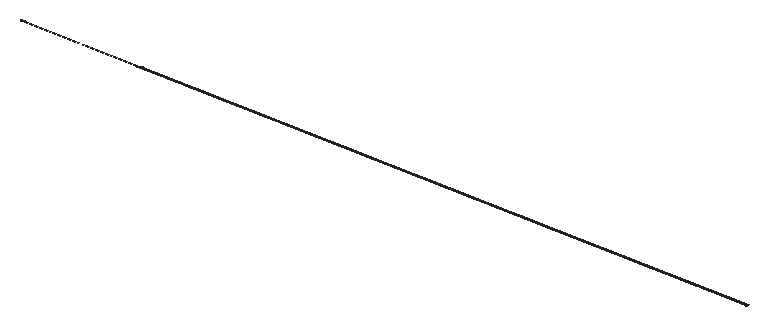
Revit family "Flex Pro IP20_0068175-78", category Lighting Fixtures, host Face, Revit 2017 (continued)
Automatic sketch dimensions
  Extrusion 57 sketch curve to Extrusion 57 sketch curve = 3.4 mm  (x6)
  Extrusion 58 sketch curve to Extrusion 58 sketch curve = 2.8 mm  (x6)
  Extrusion 58 sketch curve to Extrusion 58 sketch curve = 5.5 mm  (x5)
  Extrusion 58 sketch curve to Extrusion 58 sketch curve = 0 mm  (x5)
  Extrusion 58 sketch curve to Extrusion 58 sketch curve = 3.4 mm  (x6)
  Extrusion 59 sketch curve to Extrusion 59 sketch curve = 2.8 mm  (x6)
  Extrusion 59 sketch curve to Extrusion 59 sketch curve = 5.5 mm  (x5)
  Extrusion 59 sketch curve to Extrusion 59 sketch curve = 0 mm  (x5)
  Extrusion 59 sketch curve to Extrusion 59 sketch curve = 3.4 mm  (x6)
  Extrusion 60 sketch curve to Extrusion 60 sketch curve = 2.8 mm  (x6)
  Extrusion 60 sketch curve to Extrusion 60 sketch curve = 5.5 mm  (x5)
  Extrusion 60 sketch curve to Extrusion 60 sketch curve = 0 mm  (x5)
  Extrusion 60 sketch curve to Extrusion 60 sketch curve = 3.4 mm  (x6)
  Extrusion 61 sketch curve to Extrusion 61 sketch curve = 2.8 mm  (x6)
  Extrusion 61 sketch curve to Extrusion 61 sketch curve = 5.5 mm  (x5)
  Extrusion 61 sketch curve to Extrusion 61 sketch curve = 0 mm  (x5)
  Extrusion 61 sketch curve to Extrusion 61 sketch curve = 3.4 mm  (x6)
  Extrusion 62 sketch curve to Extrusion 62 sketch curve = 2.8 mm  (x6)
  Extrusion 62 sketch curve to Extrusion 62 sketch curve = 5.5 mm  (x5)
  Extrusion 62 sketch curve to Extrusion 62 sketch curve = 0 mm  (x5)
  Extrusion 62 sketch curve to Extrusion 62 sketch curve = 3.4 mm  (x6)
  Extrusion 63 sketch curve to Extrusion 63 sketch curve = 2.8 mm  (x6)
  Extrusion 63 sketch curve to Extrusion 63 sketch curve = 5.5 mm  (x5)
  Extrusion 63 sketch curve to Extrusion 63 sketch curve = 0 mm  (x5)
  Extrusion 63 sketch curve to Extrusion 63 sketch curve = 3.4 mm  (x6)
  Extrusion 64 sketch curve to Extrusion 64 sketch curve = 2.8 mm  (x6)
  Extrusion 64 sketch curve to Extrusion 64 sketch curve = 5.5 mm  (x5)
  Extrusion 64 sketch curve to Extrusion 64 sketch curve = 0 mm  (x5)
  Extrusion 64 sketch curve to Extrusion 64 sketch curve = 3.4 mm  (x6)
  Extrusion 65 sketch curve to Extrusion 65 sketch curve = 2.8 mm  (x6)
  Extrusion 65 sketch curve to Extrusion 65 sketch curve = 5.5 mm  (x5)
  Extrusion 65 sketch curve to Extrusion 65 sketch curve = 0 mm  (x5)
  Extrusion 65 sketch curve to Extrusion 65 sketch curve = 3.4 mm  (x6)
  Extrusion 66 sketch curve to Extrusion 66 sketch curve = 2.8 mm  (x6)
  Extrusion 66 sketch curve to Extrusion 66 sketch curve = 5.5 mm  (x5)
  Extrusion 66 sketch curve to Extrusion 66 sketch curve = 0 mm  (x5)
  Extrusion 66 sketch curve to Extrusion 66 sketch curve = 3.4 mm  (x6)
  Extrusion 67 sketch curve to Extrusion 67 sketch curve = 2.8 mm  (x6)
  Extrusion 67 sketch curve to Extrusion 67 sketch curve = 5.5 mm  (x5)
  Extrusion 67 sketch curve to Extrusion 67 sketch curve = 0 mm  (x5)
  Extrusion 67 sketch curve to Extrusion 67 sketch curve = 3.4 mm  (x6)
  Extrusion 68 sketch curve to Extrusion 68 sketch curve = 2.8 mm  (x6)
  Extrusion 68 sketch curve to Extrusion 68 sketch curve = 5.5 mm  (x5)
  Extrusion 68 sketch curve to Extrusion 68 sketch curve = 0 mm  (x5)
  Extrusion 68 sketch curve to Extrusion 68 sketch curve = 3.4 mm  (x6)
  Extrusion 69 sketch curve to Extrusion 69 sketch curve = 2.8 mm  (x6)
  Extrusion 69 sketch curve to Extrusion 69 sketch curve = 5.5 mm  (x5)
  Extrusion 69 sketch curve to Extrusion 69 sketch curve = 0 mm  (x5)
  Extrusion 69 sketch curve to Extrusion 69 sketch curve = 3.4 mm  (x6)
  Extrusion 70 sketch curve to Extrusion 70 sketch curve = 2.8 mm  (x6)
  Extrusion 70 sketch curve to Extrusion 70 sketch curve = 5.5 mm  (x5)
  Extrusion 70 sketch curve to Extrusion 70 sketch curve = 0 mm  (x5)
  Extrusion 70 sketch curve to Extrusion 70 sketch curve = 3.4 mm  (x6)
  Extrusion 71 sketch curve to Extrusion 71 sketch curve = 2.8 mm  (x6)
  Extrusion 71 sketch curve to Extrusion 71 sketch curve = 5.5 mm  (x5)
  Extrusion 71 sketch curve to Extrusion 71 sketch curve = 0 mm  (x5)
  Extrusion 71 sketch curve to Extrusion 71 sketch curve = 3.4 mm  (x6)
  Extrusion 72 sketch curve to Extrusion 72 sketch curve = 2.8 mm  (x6)
  Extrusion 72 sketch curve to Extrusion 72 sketch curve = 5.5 mm  (x5)
  Extrusion 72 sketch curve to Extrusion 72 sketch curve = 0 mm  (x5)
  Extrusion 72 sketch curve to Extrusion 72 sketch curve = 3.4 mm  (x6)
  Extrusion 73 sketch curve to Extrusion 73 sketch curve = 2.8 mm  (x6)
  Extrusion 73 sketch curve to Extrusion 73 sketch curve = 5.5 mm  (x5)
  Extrusion 73 sketch curve to Extrusion 73 sketch curve = 0 mm  (x5)
  Extrusion 73 sketch curve to Extrusion 73 sketch curve = 3.4 mm  (x6)
  Extrusion 74 sketch curve to Extrusion 74 sketch curve = 2.8 mm  (x6)
  Extrusion 74 sketch curve to Extrusion 74 sketch curve = 5.5 mm  (x5)
  Extrusion 74 sketch curve to Extrusion 74 sketch curve = 0 mm  (x5)
  Extrusion 74 sketch curve to Extrusion 74 sketch curve = 3.4 mm  (x6)
  Extrusion 75 sketch curve to Extrusion 75 sketch curve = 2.8 mm  (x6)
  Extrusion 75 sketch curve to Extrusion 75 sketch curve = 5.5 mm  (x5)
  Extrusion 75 sketch curve to Extrusion 75 sketch curve = 0 mm  (x5)
  Extrusion 75 sketch curve to Extrusion 75 sketch curve = 3.4 mm  (x6)
  Extrusion 76 sketch curve to Extrusion 76 sketch curve = 2.8 mm  (x6)
  Extrusion 76 sketch curve to Extrusion 76 sketch curve = 5.5 mm  (x5)
  Extrusion 76 sketch curve to Extrusion 76 sketch curve = 0 mm  (x5)
  Extrusion 76 sketch curve to Extrusion 76 sketch curve = 3.4 mm  (x6)
  Extrusion 77 sketch curve to Extrusion 77 sketch curve = 2.8 mm  (x6)
  Extrusion 77 sketch curve to Extrusion 77 sketch curve = 5.5 mm  (x5)
  Extrusion 77 sketch curve to Extrusion 77 sketch curve = 0 mm  (x5)
  Extrusion 77 sketch curve to Extrusion 77 sketch curve = 3.4 mm  (x6)
  Extrusion 78 sketch curve to Extrusion 78 sketch curve = 2.8 mm  (x6)
  Extrusion 78 sketch curve to Extrusion 78 sketch curve = 5.5 mm  (x5)
  Extrusion 78 sketch curve to Extrusion 78 sketch curve = 0 mm  (x5)
  Extrusion 78 sketch curve to Extrusion 78 sketch curve = 3.4 mm  (x6)
  Extrusion 79 sketch curve to Extrusion 79 sketch curve = 2.8 mm  (x6)
  Extrusion 79 sketch curve to Extrusion 79 sketch curve = 5.5 mm  (x5)
  Extrusion 79 sketch curve to Extrusion 79 sketch curve = 0 mm  (x5)
  Extrusion 79 sketch curve to Extrusion 79 sketch curve = 3.4 mm  (x6)
  Extrusion 80 sketch curve to Extrusion 80 sketch curve = 2.8 mm  (x6)
  Extrusion 80 sketch curve to Extrusion 80 sketch curve = 5.5 mm  (x5)
  Extrusion 80 sketch curve to Extrusion 80 sketch curve = 0 mm  (x5)
  Extrusion 80 sketch curve to Extrusion 80 sketch curve = 3.4 mm  (x6)
  Extrusion 81 sketch curve to Extrusion 81 sketch curve = 2.8 mm  (x6)
  Extrusion 81 sketch curve to Extrusion 81 sketch curve = 5.5 mm  (x5)
  Extrusion 81 sketch curve to Extrusion 81 sketch curve = 0 mm  (x5)
  Extrusion 81 sketch curve to Extrusion 81 sketch curve = 3.4 mm  (x6)
  Extrusion 82 sketch curve to Extrusion 82 sketch curve = 2.8 mm  (x6)
  Extrusion 82 sketch curve to Extrusion 82 sketch curve = 5.5 mm  (x5)
  Extrusion 82 sketch curve to Extrusion 82 sketch curve = 0 mm  (x5)
  Extrusion 82 sketch curve to Extrusion 82 sketch curve = 3.4 mm  (x6)
  Extrusion 83 sketch curve to Extrusion 83 sketch curve = 2.8 mm  (x6)
  Extrusion 83 sketch curve to Extrusion 83 sketch curve = 5.5 mm  (x5)
  Extrusion 83 sketch curve to Extrusion 83 sketch curve = 0 mm  (x5)
  Extrusion 83 sketch curve to Extrusion 83 sketch curve = 3.4 mm  (x6)
  Extrusion 84 sketch curve to Extrusion 84 sketch curve = 2.8 mm  (x6)
  Extrusion 84 sketch curve to Extrusion 84 sketch curve = 5.5 mm  (x5)
  Extrusion 84 sketch curve to Extrusion 84 sketch curve = 0 mm  (x5)
  Extrusion 84 sketch curve to Extrusion 84 sketch curve = 3.4 mm  (x6)
  Extrusion 85 sketch curve to Extrusion 85 sketch curve = 2.8 mm  (x6)
  Extrusion 85 sketch curve to Extrusion 85 sketch curve = 5.5 mm  (x5)
  Extrusion 85 sketch curve to Extrusion 85 sketch curve = 0 mm  (x5)
  Extrusion 85 sketch curve to Extrusion 85 sketch curve = 3.4 mm  (x6)
  Extrusion 86 sketch curve to Extrusion 86 sketch curve = 2.8 mm  (x6)
  Extrusion 86 sketch curve to Extrusion 86 sketch curve = 5.5 mm  (x5)
  Extrusion 86 sketch curve to Extrusion 86 sketch curve = 0 mm  (x5)
  Extrusion 86 sketch curve to Extrusion 86 sketch curve = 3.4 mm  (x6)
  Extrusion 87 sketch curve to Extrusion 87 sketch curve = 2.8 mm  (x6)
  Extrusion 87 sketch curve to Extrusion 87 sketch curve = 5.5 mm  (x5)
  Extrusion 87 sketch curve to Extrusion 87 sketch curve = 0 mm  (x5)
  Extrusion 87 sketch curve to Extrusion 87 sketch curve = 3.4 mm  (x6)
  Extrusion 88 sketch curve to Extrusion 88 sketch curve = 2.8 mm  (x6)
  Extrusion 88 sketch curve to Extrusion 88 sketch curve = 5.5 mm  (x5)
  Extrusion 88 sketch curve to Extrusion 88 sketch curve = 0 mm  (x5)
  Extrusion 88 sketch curve to Extrusion 88 sketch curve = 3.4 mm  (x6)
  Extrusion 89 sketch curve to Extrusion 89 sketch curve = 2.8 mm  (x6)
  Extrusion 89 sketch curve to Extrusion 89 sketch curve = 5.5 mm  (x5)
  Extrusion 89 sketch curve to Extrusion 89 sketch curve = 0 mm  (x5)
  Extrusion 89 sketch curve to Extrusion 89 sketch curve = 3.4 mm  (x6)
  Extrusion 90 sketch curve to Extrusion 90 sketch curve = 2.8 mm  (x6)
  Extrusion 90 sketch curve to Extrusion 90 sketch curve = 5.5 mm  (x5)
  Extrusion 90 sketch curve to Extrusion 90 sketch curve = 0 mm  (x5)
  Extrusion 90 sketch curve to Extrusion 90 sketch curve = 3.4 mm  (x6)
  Extrusion 91 sketch curve to Extrusion 91 sketch curve = 2.8 mm  (x6)
  Extrusion 91 sketch curve to Extrusion 91 sketch curve = 5.5 mm  (x5)
  Extrusion 91 sketch curve to Extrusion 91 sketch curve = 0 mm  (x5)
  Extrusion 91 sketch curve to Extrusion 91 sketch curve = 3.4 mm  (x6)
  Extrusion 92 sketch curve to Extrusion 92 sketch curve = 2.8 mm  (x6)
  Extrusion 92 sketch curve to Extrusion 92 sketch curve = 5.5 mm  (x5)
  Extrusion 92 sketch curve to Extrusion 92 sketch curve = 0 mm  (x5)
  Extrusion 92 sketch curve to Extrusion 92 sketch curve = 3.4 mm  (x6)
  Extrusion 93 sketch curve to Extrusion 93 sketch curve = 2.8 mm  (x6)
  Extrusion 93 sketch curve to Extrusion 93 sketch curve = 5.5 mm  (x5)
  Extrusion 93 sketch curve to Extrusion 93 sketch curve = 0 mm  (x5)
  Extrusion 93 sketch curve to Extrusion 93 sketch curve = 3.4 mm  (x6)
  Extrusion 94 sketch curve to Extrusion 94 sketch curve = 2.8 mm  (x6)
  Extrusion 94 sketch curve to Extrusion 94 sketch curve = 5.5 mm  (x5)
  Extrusion 94 sketch curve to Extrusion 94 sketch curve = 0 mm  (x5)
  Extrusion 94 sketch curve to Extrusion 94 sketch curve = 3.4 mm  (x6)
  Extrusion 95 sketch curve to Extrusion 95 sketch curve = 2.8 mm  (x6)
  Extrusion 95 sketch curve to Extrusion 95 sketch curve = 5.5 mm  (x5)
  Extrusion 95 sketch curve to Extrusion 95 sketch curve = 0 mm  (x5)
  Extrusion 95 sketch curve to Extrusion 95 sketch curve = 3.4 mm  (x6)
  Extrusion 96 sketch curve to Extrusion 96 sketch curve = 2.8 mm  (x6)
  Extrusion 96 sketch curve to Extrusion 96 sketch curve = 5.5 mm  (x5)
  Extrusion 96 sketch curve to Extrusion 96 sketch curve = 0 mm  (x5)
  Extrusion 96 sketch curve to Extrusion 96 sketch curve = 3.4 mm  (x6)
  Extrusion 97 sketch curve to Extrusion 97 sketch curve = 2.8 mm  (x6)
  Extrusion 97 sketch curve to Extrusion 97 sketch curve = 5.5 mm  (x5)
  Extrusion 97 sketch curve to Extrusion 97 sketch curve = 0 mm  (x5)
  Extrusion 97 sketch curve to Extrusion 97 sketch curve = 3.4 mm  (x6)
  Extrusion 98 sketch curve to Extrusion 98 sketch curve = 2.8 mm  (x6)
  Extrusion 98 sketch curve to Extrusion 98 sketch curve = 5.5 mm  (x5)
  Extrusion 98 sketch curve to Extrusion 98 sketch curve = 0 mm  (x5)
  Extrusion 98 sketch curve to Extrusion 98 sketch curve = 3.4 mm  (x6)
  Extrusion 99 sketch curve to Extrusion 99 sketch curve = 2.8 mm  (x6)
  Extrusion 99 sketch curve to Extrusion 99 sketch curve = 5.5 mm  (x5)
  Extrusion 99 sketch curve to Extrusion 99 sketch curve = 0 mm  (x5)
  Extrusion 99 sketch curve to Extrusion 99 sketch curve = 3.4 mm  (x6)
  Extrusion 100 sketch curve to Extrusion 100 sketch curve = 2.8 mm  (x6)
  Extrusion 100 sketch curve to Extrusion 100 sketch curve = 5.5 mm  (x5)
  Extrusion 100 sketch curve to Extrusion 100 sketch curve = 0 mm  (x5)
  Extrusion 100 sketch curve to Extrusion 100 sketch curve = 3.4 mm  (x6)
  Extrusion 101 sketch curve to Extrusion 101 sketch curve = 2.8 mm  (x6)
  Extrusion 101 sketch curve to Extrusion 101 sketch curve = 5.5 mm  (x5)
  Extrusion 101 sketch curve to Extrusion 101 sketch curve = 0 mm  (x5)
  Extrusion 101 sketch curve to Extrusion 101 sketch curve = 3.4 mm  (x6)
  Extrusion 102 sketch curve to Extrusion 102 sketch curve = 2.8 mm  (x6)
  Extrusion 102 sketch curve to Extrusion 102 sketch curve = 5.5 mm  (x5)
  Extrusion 102 sketch curve to Extrusion 102 sketch curve = 0 mm  (x5)
  Extrusion 102 sketch curve to Extrusion 102 sketch curve = 3.4 mm  (x6)
  Extrusion 103 sketch curve to Extrusion 103 sketch curve = 2.8 mm  (x6)
  Extrusion 103 sketch curve to Extrusion 103 sketch curve = 5.5 mm  (x5)
  Extrusion 103 sketch curve to Extrusion 103 sketch curve = 0 mm  (x5)
  Extrusion 103 sketch curve to Extrusion 103 sketch curve = 3.4 mm  (x6)
  Extrusion 104 sketch curve to Extrusion 104 sketch curve = 2.8 mm  (x6)
  Extrusion 104 sketch curve to Extrusion 104 sketch curve = 5.5 mm  (x5)
  Extrusion 104 sketch curve to Extrusion 104 sketch curve = 0 mm  (x5)
  Extrusion 104 sketch curve to Extrusion 104 sketch curve = 3.4 mm  (x6)
  Extrusion 105 sketch curve to Extrusion 105 sketch curve = 2.8 mm  (x6)
  Extrusion 105 sketch curve to Extrusion 105 sketch curve = 5.5 mm  (x5)
  Extrusion 105 sketch curve to Extrusion 105 sketch curve = 0 mm  (x5)
  Extrusion 105 sketch curve to Extrusion 105 sketch curve = 3.4 mm  (x6)
  Extrusion 106 sketch curve to Extrusion 106 sketch curve = 2.8 mm  (x6)
  Extrusion 106 sketch curve to Extrusion 106 sketch curve = 5.5 mm  (x5)
  Extrusion 106 sketch curve to Extrusion 106 sketch curve = 0 mm  (x5)
  Extrusion 106 sketch curve to Extrusion 106 sketch curve = 3.4 mm  (x6)
  Extrusion 7 sketch curve to Extrusion 7 sketch curve = 2.1 mm  (x4)
  Extrusion 7 sketch curve to Extrusion 7 sketch curve = 6.2 mm  (x2)
  Extrusion 7 sketch curve to Extrusion 7 sketch curve = 14.5 mm
  Extrusion 7 sketch curve to Extrusion 7 sketch curve = 0 mm  (x3)
  Extrusion 7 sketch curve to Extrusion 7 sketch curve = 3 mm  (x4)
  Extrusion 107 sketch curve to Extrusion 107 sketch curve = 2.1 mm  (x4)
  Extrusion 107 sketch curve to Extrusion 107 sketch curve = 6.2 mm  (x2)
  Extrusion 107 sketch curve to Extrusion 107 sketch curve = 14.5 mm
  Extrusion 107 sketch curve to Extrusion 107 sketch curve = 0 mm  (x3)
  Extrusion 107 sketch curve to Extrusion 107 sketch curve = 3 mm  (x4)
  Extrusion 108 sketch curve to Extrusion 108 sketch curve = 2.1 mm  (x4)
  Extrusion 108 sketch curve to Extrusion 108 sketch curve = 6.2 mm  (x2)
  Extrusion 108 sketch curve to Extrusion 108 sketch curve = 14.5 mm
  Extrusion 108 sketch curve to Extrusion 108 sketch curve = 0 mm  (x3)
  Extrusion 108 sketch curve to Extrusion 108 sketch curve = 3 mm  (x4)
  Extrusion 109 sketch curve to Extrusion 109 sketch curve = 2.1 mm  (x4)
  Extrusion 109 sketch curve to Extrusion 109 sketch curve = 6.2 mm  (x2)
  Extrusion 109 sketch curve to Extrusion 109 sketch curve = 14.5 mm
  Extrusion 109 sketch curve to Extrusion 109 sketch curve = 0 mm  (x3)
  Extrusion 109 sketch curve to Extrusion 109 sketch curve = 3 mm  (x4)
  Extrusion 110 sketch curve to Extrusion 110 sketch curve = 2.1 mm  (x4)
  Extrusion 110 sketch curve to Extrusion 110 sketch curve = 6.2 mm  (x2)
  Extrusion 110 sketch curve to Extrusion 110 sketch curve = 14.5 mm
  Extrusion 110 sketch curve to Extrusion 110 sketch curve = 0 mm  (x3)
  Extrusion 110 sketch curve to Extrusion 110 sketch curve = 3 mm  (x4)
  Extrusion 111 sketch curve to Extrusion 111 sketch curve = 2.1 mm  (x4)
  Extrusion 111 sketch curve to Extrusion 111 sketch curve = 6.2 mm  (x2)
  Extrusion 111 sketch curve to Extrusion 111 sketch curve = 14.5 mm
  Extrusion 111 sketch curve to Extrusion 111 sketch curve = 0 mm  (x3)
  Extrusion 111 sketch curve to Extrusion 111 sketch curve = 3 mm  (x4)
  Extrusion 112 sketch curve to Extrusion 112 sketch curve = 2.1 mm  (x4)
  Extrusion 112 sketch curve to Extrusion 112 sketch curve = 6.2 mm  (x2)
  Extrusion 112 sketch curve to Extrusion 112 sketch curve = 14.5 mm
  Extrusion 112 sketch curve to Extrusion 112 sketch curve = 0 mm  (x3)
  Extrusion 112 sketch curve to Extrusion 112 sketch curve = 3 mm  (x4)
  Extrusion 113 sketch curve to Extrusion 113 sketch curve = 2.1 mm  (x4)
  Extrusion 113 sketch curve to Extrusion 113 sketch curve = 6.2 mm  (x2)
  Extrusion 113 sketch curve to Extrusion 113 sketch curve = 14.5 mm
  Extrusion 113 sketch curve to Extrusion 113 sketch curve = 0 mm  (x3)
  Extrusion 113 sketch curve to Extrusion 113 sketch curve = 3 mm  (x4)
  Extrusion 114 sketch curve to Extrusion 114 sketch curve = 2.1 mm  (x4)
  Extrusion 114 sketch curve to Extrusion 114 sketch curve = 6.2 mm  (x2)
  Extrusion 114 sketch curve to Extrusion 114 sketch curve = 14.5 mm
  Extrusion 114 sketch curve to Extrusion 114 sketch curve = 0 mm  (x3)
  Extrusion 114 sketch curve to Extrusion 114 sketch curve = 3 mm  (x4)
  Extrusion 115 sketch curve to Extrusion 115 sketch curve = 2.1 mm  (x4)
  Extrusion 115 sketch curve to Extrusion 115 sketch curve = 6.2 mm  (x2)
  Extrusion 115 sketch curve to Extrusion 115 sketch curve = 14.5 mm
  Extrusion 115 sketch curve to Extrusion 115 sketch curve = 0 mm  (x3)
  Extrusion 115 sketch curve to Extrusion 115 sketch curve = 3 mm  (x4)
  Extrusion 116 sketch curve to Extrusion 116 sketch curve = 2.1 mm  (x4)
  Extrusion 116 sketch curve to Extrusion 116 sketch curve = 6.2 mm  (x2)
  Extrusion 116 sketch curve to Extrusion 116 sketch curve = 14.5 mm
  Extrusion 116 sketch curve to Extrusion 116 sketch curve = 0 mm  (x3)
  Extrusion 116 sketch curve to Extrusion 116 sketch curve = 3 mm  (x4)
  Extrusion 117 sketch curve to Extrusion 117 sketch curve = 2.1 mm  (x4)
  Extrusion 117 sketch curve to Extrusion 117 sketch curve = 6.2 mm  (x2)
  Extrusion 117 sketch curve to Extrusion 117 sketch curve = 14.5 mm
  Extrusion 117 sketch curve to Extrusion 117 sketch curve = 0 mm  (x3)
  Extrusion 117 sketch curve to Extrusion 117 sketch curve = 3 mm  (x4)
  Extrusion 118 sketch curve to Extrusion 118 sketch curve = 2.1 mm  (x4)
  Extrusion 118 sketch curve to Extrusion 118 sketch curve = 6.2 mm  (x2)
  Extrusion 118 sketch curve to Extrusion 118 sketch curve = 14.5 mm
  Extrusion 118 sketch curve to Extrusion 118 sketch curve = 0 mm  (x3)
  Extrusion 118 sketch curve to Extrusion 118 sketch curve = 3 mm  (x4)
  Extrusion 119 sketch curve to Extrusion 119 sketch curve = 2.1 mm  (x4)
  Extrusion 119 sketch curve to Extrusion 119 sketch curve = 6.2 mm  (x2)
  Extrusion 119 sketch curve to Extrusion 119 sketch curve = 14.5 mm
  Extrusion 119 sketch curve to Extrusion 119 sketch curve = 0 mm  (x3)
  Extrusion 119 sketch curve to Extrusion 119 sketch curve = 3 mm  (x4)
  Extrusion 120 sketch curve to Extrusion 120 sketch curve = 2.1 mm  (x4)
  Extrusion 120 sketch curve to Extrusion 120 sketch curve = 6.2 mm  (x2)
  Extrusion 120 sketch curve to Extrusion 120 sketch curve = 14.5 mm
  Extrusion 120 sketch curve to Extrusion 120 sketch curve = 0 mm  (x3)
  Extrusion 120 sketch curve to Extrusion 120 sketch curve = 3 mm  (x4)
  Extrusion 121 sketch curve to Extrusion 121 sketch curve = 2.1 mm  (x4)
  Extrusion 121 sketch curve to Extrusion 121 sketch curve = 6.2 mm  (x2)
  Extrusion 121 sketch curve to Extrusion 121 sketch curve = 14.5 mm
  Extrusion 121 sketch curve to Extrusion 121 sketch curve = 0 mm  (x3)
  Extrusion 121 sketch curve to Extrusion 121 sketch curve = 3 mm  (x4)
  Extrusion 122 sketch curve to Extrusion 122 sketch curve = 2.1 mm  (x4)
  Extrusion 122 sketch curve to Extrusion 122 sketch curve = 6.2 mm  (x2)
  Extrusion 122 sketch curve to Extrusion 122 sketch curve = 14.5 mm
  Extrusion 122 sketch curve to Extrusion 122 sketch curve = 0 mm  (x3)
  Extrusion 122 sketch curve to Extrusion 122 sketch curve = 3 mm  (x4)
  Extrusion 123 sketch curve to Extrusion 123 sketch curve = 2.1 mm  (x4)
  Extrusion 123 sketch curve to Extrusion 123 sketch curve = 6.2 mm  (x2)
  Extrusion 123 sketch curve to Extrusion 123 sketch curve = 14.5 mm
  Extrusion 123 sketch curve to Extrusion 123 sketch curve = 0 mm  (x3)
  Extrusion 123 sketch curve to Extrusion 123 sketch curve = 3 mm  (x4)
  Extrusion 124 sketch curve to Extrusion 124 sketch curve = 2.1 mm  (x4)
  Extrusion 124 sketch curve to Extrusion 124 sketch curve = 6.2 mm  (x2)
  Extrusion 124 sketch curve to Extrusion 124 sketch curve = 14.5 mm
  Extrusion 124 sketch curve to Extrusion 124 sketch curve = 0 mm  (x3)
  Extrusion 124 sketch curve to Extrusion 124 sketch curve = 3 mm  (x4)
  Extrusion 125 sketch curve to Extrusion 125 sketch curve = 2.1 mm  (x4)
  Extrusion 125 sketch curve to Extrusion 125 sketch curve = 6.2 mm  (x2)
  Extrusion 125 sketch curve to Extrusion 125 sketch curve = 14.5 mm
  Extrusion 125 sketch curve to Extrusion 125 sketch curve = 0 mm  (x3)
  Extrusion 125 sketch curve to Extrusion 125 sketch curve = 3 mm  (x4)
  Extrusion 126 sketch curve to Extrusion 126 sketch curve = 2.1 mm  (x4)
  Extrusion 126 sketch curve to Extrusion 126 sketch curve = 6.2 mm  (x2)
  Extrusion 126 sketch curve to Extrusion 126 sketch curve = 14.5 mm
  Extrusion 126 sketch curve to Extrusion 126 sketch curve = 0 mm  (x3)
  Extrusion 126 sketch curve to Extrusion 126 sketch curve = 3 mm  (x4)
  Extrusion 127 sketch curve to Extrusion 127 sketch curve = 2.1 mm  (x4)
  Extrusion 127 sketch curve to Extrusion 127 sketch curve = 6.2 mm  (x2)
  Extrusion 127 sketch curve to Extrusion 127 sketch curve = 14.5 mm
  Extrusion 127 sketch curve to Extrusion 127 sketch curve = 0 mm  (x3)
  Extrusion 127 sketch curve to Extrusion 127 sketch curve = 3 mm  (x4)
  Extrusion 128 sketch curve to Extrusion 128 sketch curve = 2.1 mm  (x4)
  Extrusion 128 sketch curve to Extrusion 128 sketch curve = 6.2 mm  (x2)
  Extrusion 128 sketch curve to Extrusion 128 sketch curve = 14.5 mm
  Extrusion 128 sketch curve to Extrusion 128 sketch curve = 0 mm  (x3)
  Extrusion 128 sketch curve to Extrusion 128 sketch curve = 3 mm  (x4)
  Extrusion 129 sketch curve to Extrusion 129 sketch curve = 2.1 mm  (x4)
  Extrusion 129 sketch curve to Extrusion 129 sketch curve = 6.2 mm  (x2)
  Extrusion 129 sketch curve to Extrusion 129 sketch curve = 14.5 mm
  Extrusion 129 sketch curve to Extrusion 129 sketch curve = 0 mm  (x3)
  Extrusion 129 sketch curve to Extrusion 129 sketch curve = 3 mm  (x4)
  Extrusion 130 sketch curve to Extrusion 130 sketch curve = 2.1 mm  (x4)
  Extrusion 130 sketch curve to Extrusion 130 sketch curve = 6.2 mm  (x2)
  Extrusion 130 sketch curve to Extrusion 130 sketch curve = 14.5 mm
  Extrusion 130 sketch curve to Extrusion 130 sketch curve = 0 mm  (x3)
  Extrusion 130 sketch curve to Extrusion 130 sketch curve = 3 mm  (x4)
  Extrusion 131 sketch curve to Extrusion 131 sketch curve = 2.1 mm  (x4)
  Extrusion 131 sketch curve to Extrusion 131 sketch curve = 6.2 mm  (x2)
  Extrusion 131 sketch curve to Extrusion 131 sketch curve = 14.5 mm
  Extrusion 131 sketch curve to Extrusion 131 sketch curve = 0 mm  (x3)
  Extrusion 131 sketch curve to Extrusion 131 sketch curve = 3 mm  (x4)
  Extrusion 132 sketch curve to Extrusion 132 sketch curve = 2.1 mm  (x4)
  Extrusion 132 sketch curve to Extrusion 132 sketch curve = 6.2 mm  (x2)
  Extrusion 132 sketch curve to Extrusion 132 sketch curve = 14.5 mm
  Extrusion 132 sketch curve to Extrusion 132 sketch curve = 0 mm  (x3)
  Extrusion 132 sketch curve to Extrusion 132 sketch curve = 3 mm  (x4)
  Extrusion 133 sketch curve to Extrusion 133 sketch curve = 2.1 mm  (x4)
  Extrusion 133 sketch curve to Extrusion 133 sketch curve = 6.2 mm  (x2)
  Extrusion 133 sketch curve to Extrusion 133 sketch curve = 14.5 mm
  Extrusion 133 sketch curve to Extrusion 133 sketch curve = 0 mm  (x3)
  Extrusion 133 sketch curve to Extrusion 133 sketch curve = 3 mm  (x4)
  Extrusion 134 sketch curve to Extrusion 134 sketch curve = 2.1 mm  (x4)
  Extrusion 134 sketch curve to Extrusion 134 sketch curve = 6.2 mm  (x2)
  Extrusion 134 sketch curve to Extrusion 134 sketch curve = 14.5 mm
  Extrusion 134 sketch curve to Extrusion 134 sketch curve = 0 mm  (x3)
  Extrusion 134 sketch curve to Extrusion 134 sketch curve = 3 mm  (x4)
  Extrusion 135 sketch curve to Extrusion 135 sketch curve = 2.1 mm  (x4)
  Extrusion 135 sketch curve to Extrusion 135 sketch curve = 6.2 mm  (x2)
  Extrusion 135 sketch curve to Extrusion 135 sketch curve = 14.5 mm
  Extrusion 135 sketch curve to Extrusion 135 sketch curve = 0 mm  (x3)
  Extrusion 135 sketch curve to Extrusion 135 sketch curve = 3 mm  (x4)
  Extrusion 136 sketch curve to Extrusion 136 sketch curve = 2.1 mm  (x4)
  Extrusion 136 sketch curve to Extrusion 136 sketch curve = 6.2 mm  (x2)
  Extrusion 136 sketch curve to Extrusion 136 sketch curve = 14.5 mm
  Extrusion 136 sketch curve to Extrusion 136 sketch curve = 0 mm  (x3)
  Extrusion 136 sketch curve to Extrusion 136 sketch curve = 3 mm  (x4)
  Extrusion 137 sketch curve to Extrusion 137 sketch curve = 2.1 mm  (x4)
  Extrusion 137 sketch curve to Extrusion 137 sketch curve = 6.2 mm  (x2)
  Extrusion 137 sketch curve to Extrusion 137 sketch curve = 14.5 mm
  Extrusion 137 sketch curve to Extrusion 137 sketch curve = 0 mm  (x3)
  Extrusion 137 sketch curve to Extrusion 137 sketch curve = 3 mm  (x4)
  Extrusion 138 sketch curve to Extrusion 138 sketch curve = 2.1 mm  (x4)
  Extrusion 138 sketch curve to Extrusion 138 sketch curve = 6.2 mm  (x2)
  Extrusion 138 sketch curve to Extrusion 138 sketch curve = 14.5 mm
  Extrusion 138 sketch curve to Extrusion 138 sketch curve = 0 mm  (x3)
  Extrusion 138 sketch curve to Extrusion 138 sketch curve = 3 mm  (x4)
  Extrusion 139 sketch curve to Extrusion 139 sketch curve = 2.1 mm  (x4)
  Extrusion 139 sketch curve to Extrusion 139 sketch curve = 6.2 mm  (x2)
  Extrusion 139 sketch curve to Extrusion 139 sketch curve = 14.5 mm
  Extrusion 139 sketch curve to Extrusion 139 sketch curve = 0 mm  (x3)
  Extrusion 139 sketch curve to Extrusion 139 sketch curve = 3 mm  (x4)
  Extrusion 140 sketch curve to Extrusion 140 sketch curve = 2.1 mm  (x4)
  Extrusion 140 sketch curve to Extrusion 140 sketch curve = 6.2 mm  (x2)
  Extrusion 140 sketch curve to Extrusion 140 sketch curve = 14.5 mm
  Extrusion 140 sketch curve to Extrusion 140 sketch curve = 0 mm  (x3)
  Extrusion 140 sketch curve to Extrusion 140 sketch curve = 3 mm  (x4)
  Extrusion 141 sketch curve to Extrusion 141 sketch curve = 2.1 mm  (x4)
  Extrusion 141 sketch curve to Extrusion 141 sketch curve = 6.2 mm  (x2)
  Extrusion 141 sketch curve to Extrusion 141 sketch curve = 14.5 mm
  Extrusion 141 sketch curve to Extrusion 141 sketch curve = 0 mm  (x3)
  Extrusion 141 sketch curve to Extrusion 141 sketch curve = 3 mm  (x4)
  Extrusion 142 sketch curve to Extrusion 142 sketch curve = 2.1 mm  (x4)
  Extrusion 142 sketch curve to Extrusion 142 sketch curve = 6.2 mm  (x2)
  Extrusion 142 sketch curve to Extrusion 142 sketch curve = 14.5 mm
  Extrusion 142 sketch curve to Extrusion 142 sketch curve = 0 mm  (x3)
  Extrusion 142 sketch curve to Extrusion 142 sketch curve = 3 mm  (x4)
  Extrusion 143 sketch curve to Extrusion 143 sketch curve = 2.1 mm  (x4)
  Extrusion 143 sketch curve to Extrusion 143 sketch curve = 6.2 mm  (x2)
  Extrusion 143 sketch curve to Extrusion 143 sketch curve = 14.5 mm
  Extrusion 143 sketch curve to Extrusion 143 sketch curve = 0 mm  (x3)
  Extrusion 143 sketch curve to Extrusion 143 sketch curve = 3 mm  (x4)
  Extrusion 144 sketch curve to Extrusion 144 sketch curve = 2.1 mm  (x4)
  Extrusion 144 sketch curve to Extrusion 144 sketch curve = 6.2 mm  (x2)
  Extrusion 144 sketch curve to Extrusion 144 sketch curve = 14.5 mm
  Extrusion 144 sketch curve to Extrusion 144 sketch curve = 0 mm  (x3)
  Extrusion 144 sketch curve to Extrusion 144 sketch curve = 3 mm  (x4)
  Extrusion 145 sketch curve to Extrusion 145 sketch curve = 2.1 mm  (x4)
  Extrusion 145 sketch curve to Extrusion 145 sketch curve = 6.2 mm  (x2)
  Extrusion 145 sketch curve to Extrusion 145 sketch curve = 14.5 mm
  Extrusion 145 sketch curve to Extrusion 145 sketch curve = 0 mm  (x3)
  Extrusion 145 sketch curve to Extrusion 145 sketch curve = 3 mm  (x4)
  Extrusion 146 sketch curve to Extrusion 146 sketch curve = 2.1 mm  (x4)
  Extrusion 146 sketch curve to Extrusion 146 sketch curve = 6.2 mm  (x2)
  Extrusion 146 sketch curve to Extrusion 146 sketch curve = 14.5 mm
  Extrusion 146 sketch curve to Extrusion 146 sketch curve = 0 mm  (x3)
  Extrusion 146 sketch curve to Extrusion 146 sketch curve = 3 mm  (x4)
  Extrusion 147 sketch curve to Extrusion 147 sketch curve = 2.1 mm  (x4)
  Extrusion 147 sketch curve to Extrusion 147 sketch curve = 6.2 mm  (x2)
  Extrusion 147 sketch curve to Extrusion 147 sketch curve = 14.5 mm
  Extrusion 147 sketch curve to Extrusion 147 sketch curve = 0 mm  (x3)
  Extrusion 147 sketch curve to Extrusion 147 sketch curve = 3 mm  (x4)
  Extrusion 148 sketch curve to Extrusion 148 sketch curve = 2.1 mm  (x4)
  Extrusion 148 sketch curve to Extrusion 148 sketch curve = 6.2 mm  (x2)
  Extrusion 148 sketch curve to Extrusion 148 sketch curve = 14.5 mm
  Extrusion 148 sketch curve to Extrusion 148 sketch curve = 0 mm  (x3)
  Extrusion 148 sketch curve to Extrusion 148 sketch curve = 3 mm  (x4)
  Extrusion 149 sketch curve to Extrusion 149 sketch curve = 2.1 mm  (x4)
  Extrusion 149 sketch curve to Extrusion 149 sketch curve = 6.2 mm  (x2)
  Extrusion 149 sketch curve to Extrusion 149 sketch curve = 14.5 mm
  Extrusion 149 sketch curve to Extrusion 149 sketch curve = 0 mm  (x3)
  Extrusion 149 sketch curve to Extrusion 149 sketch curve = 3 mm  (x4)
  Extrusion 150 sketch curve to Extrusion 150 sketch curve = 2.1 mm  (x4)
  Extrusion 150 sketch curve to Extrusion 150 sketch curve = 6.2 mm  (x2)
  Extrusion 150 sketch curve to Extrusion 150 sketch curve = 14.5 mm
  Extrusion 150 sketch curve to Extrusion 150 sketch curve = 0 mm  (x3)
  Extrusion 150 sketch curve to Extrusion 150 sketch curve = 3 mm  (x4)
  Extrusion 151 sketch curve to Extrusion 151 sketch curve = 2.1 mm  (x4)
  Extrusion 151 sketch curve to Extrusion 151 sketch curve = 6.2 mm  (x2)
  Extrusion 151 sketch curve to Extrusion 151 sketch curve = 14.5 mm
  Extrusion 151 sketch curve to Extrusion 151 sketch curve = 0 mm  (x3)
  Extrusion 151 sketch curve to Extrusion 151 sketch curve = 3 mm  (x4)
  Extrusion 152 sketch curve to Extrusion 152 sketch curve = 2.1 mm  (x4)
  Extrusion 152 sketch curve to Extrusion 152 sketch curve = 6.2 mm  (x2)
  Extrusion 152 sketch curve to Extrusion 152 sketch curve = 14.5 mm
  Extrusion 152 sketch curve to Extrusion 152 sketch curve = 0 mm  (x3)
  Extrusion 152 sketch curve to Extrusion 152 sketch curve = 3 mm  (x4)
  Extrusion 153 sketch curve to Extrusion 153 sketch curve = 2.1 mm  (x4)
  Extrusion 153 sketch curve to Extrusion 153 sketch curve = 6.2 mm  (x2)
  Extrusion 153 sketch curve to Extrusion 153 sketch curve = 14.5 mm
  Extrusion 153 sketch curve to Extrusion 153 sketch curve = 0 mm  (x3)
  Extrusion 153 sketch curve to Extrusion 153 sketch curve = 3 mm  (x4)
  Extrusion 154 sketch curve to Extrusion 154 sketch curve = 2.1 mm  (x4)
  Extrusion 154 sketch curve to Extrusion 154 sketch curve = 6.2 mm  (x2)
  Extrusion 154 sketch curve to Extrusion 154 sketch curve = 14.5 mm
  Extrusion 154 sketch curve to Extrusion 154 sketch curve = 0 mm  (x3)
  Extrusion 154 sketch curve to Extrusion 154 sketch curve = 3 mm  (x4)
  Extrusion 155 sketch curve to Extrusion 155 sketch curve = 2.1 mm  (x4)
  Extrusion 155 sketch curve to Extrusion 155 sketch curve = 6.2 mm  (x2)
  Extrusion 155 sketch curve to Extrusion 155 sketch curve = 14.5 mm
  Extrusion 155 sketch curve to Extrusion 155 sketch curve = 0 mm  (x3)
  Extrusion 155 sketch curve to Extrusion 155 sketch curve = 3 mm  (x4)
  Extrusion 156 sketch curve to Extrusion 156 sketch curve = 2.1 mm  (x4)
  Extrusion 156 sketch curve to Extrusion 156 sketch curve = 6.2 mm  (x2)
  Extrusion 156 sketch curve to Extrusion 156 sketch curve = 14.5 mm
  Extrusion 156 sketch curve to Extrusion 156 sketch curve = 0 mm  (x3)
  Extrusion 156 sketch curve to Extrusion 156 sketch curve = 3 mm  (x4)
  Extrusion 157 sketch curve to Extrusion 157 sketch curve = 2.1 mm  (x4)
  Extrusion 157 sketch curve to Extrusion 157 sketch curve = 6.2 mm  (x2)
  Extrusion 157 sketch curve to Extrusion 157 sketch curve = 14.5 mm
  Extrusion 157 sketch curve to Extrusion 157 sketch curve = 0 mm  (x3)
  Extrusion 157 sketch curve to Extrusion 157 sketch curve = 3 mm  (x4)
  Extrusion 158 sketch curve to Extrusion 158 sketch curve = 2.1 mm  (x4)
  Extrusion 158 sketch curve to Extrusion 158 sketch curve = 6.2 mm  (x2)
  Extrusion 158 sketch curve to Extrusion 158 sketch curve = 14.5 mm
  Extrusion 158 sketch curve to Extrusion 158 sketch curve = 0 mm  (x3)
  Extrusion 158 sketch curve to Extrusion 158 sketch curve = 3 mm  (x4)
  Extrusion 159 sketch curve to Extrusion 159 sketch curve = 2.1 mm  (x4)
  Extrusion 159 sketch curve to Extrusion 159 sketch curve = 6.2 mm  (x2)
  Extrusion 159 sketch curve to Extrusion 159 sketch curve = 14.5 mm
  Extrusion 159 sketch curve to Extrusion 159 sketch curve = 0 mm  (x3)
  Extrusion 159 sketch curve to Extrusion 159 sketch curve = 3 mm  (x4)
  Extrusion 160 sketch curve to Extrusion 160 sketch curve = 2.1 mm  (x4)
  Extrusion 160 sketch curve to Extrusion 160 sketch curve = 6.2 mm  (x2)
  Extrusion 160 sketch curve to Extrusion 160 sketch curve = 14.5 mm
  Extrusion 160 sketch curve to Extrusion 160 sketch curve = 0 mm  (x3)
  Extrusion 160 sketch curve to Extrusion 160 sketch curve = 3 mm  (x4)
  Extrusion 161 sketch curve to Extrusion 161 sketch curve = 2.1 mm  (x4)
  Extrusion 161 sketch curve to Extrusion 161 sketch curve = 6.2 mm  (x2)
  Extrusion 161 sketch curve to Extrusion 161 sketch curve = 14.5 mm
  Extrusion 161 sketch curve to Extrusion 161 sketch curve = 0 mm  (x3)
  Extrusion 161 sketch curve to Extrusion 161 sketch curve = 3 mm  (x4)
  Extrusion 162 sketch curve to Extrusion 162 sketch curve = 2.1 mm  (x4)
  Extrusion 162 sketch curve to Extrusion 162 sketch curve = 6.2 mm  (x2)
  Extrusion 162 sketch curve to Extrusion 162 sketch curve = 14.5 mm
  Extrusion 162 sketch curve to Extrusion 162 sketch curve = 0 mm  (x3)
  Extrusion 162 sketch curve to Extrusion 162 sketch curve = 3 mm  (x4)
  Extrusion 163 sketch curve to Extrusion 163 sketch curve = 2.1 mm  (x4)
  Extrusion 163 sketch curve to Extrusion 163 sketch curve = 6.2 mm  (x2)
  Extrusion 163 sketch curve to Extrusion 163 sketch curve = 14.5 mm
  Extrusion 163 sketch curve to Extrusion 163 sketch curve = 0 mm  (x3)
  Extrusion 163 sketch curve to Extrusion 163 sketch curve = 3 mm  (x4)
  Extrusion 164 sketch curve to Extrusion 164 sketch curve = 2.1 mm  (x4)
  Extrusion 164 sketch curve to Extrusion 164 sketch curve = 6.2 mm  (x2)
  Extrusion 164 sketch curve to Extrusion 164 sketch curve = 14.5 mm
  Extrusion 164 sketch curve to Extrusion 164 sketch curve = 0 mm  (x3)
  Extrusion 164 sketch curve to Extrusion 164 sketch curve = 3 mm  (x4)
  Extrusion 165 sketch curve to Extrusion 165 sketch curve = 2.1 mm  (x4)
  Extrusion 165 sketch curve to Extrusion 165 sketch curve = 6.2 mm  (x2)
  Extrusion 165 sketch curve to Extrusion 165 sketch curve = 14.5 mm
  Extrusion 165 sketch curve to Extrusion 165 sketch curve = 0 mm  (x3)
  Extrusion 165 sketch curve to Extrusion 165 sketch curve = 3 mm  (x4)
  Extrusion 166 sketch curve to Extrusion 166 sketch curve = 2.1 mm  (x4)
  Extrusion 166 sketch curve to Extrusion 166 sketch curve = 6.2 mm  (x2)
  Extrusion 166 sketch curve to Extrusion 166 sketch curve = 14.5 mm
  Extrusion 166 sketch curve to Extrusion 166 sketch curve = 0 mm  (x3)
  Extrusion 166 sketch curve to Extrusion 166 sketch curve = 3 mm  (x4)
  Extrusion 167 sketch curve to Extrusion 167 sketch curve = 2.1 mm  (x4)
  Extrusion 167 sketch curve to Extrusion 167 sketch curve = 6.2 mm  (x2)
  Extrusion 167 sketch curve to Extrusion 167 sketch curve = 14.5 mm
  Extrusion 167 sketch curve to Extrusion 167 sketch curve = 0 mm  (x3)
  Extrusion 167 sketch curve to Extrusion 167 sketch curve = 3 mm  (x4)
  Extrusion 168 sketch curve to Extrusion 168 sketch curve = 2.1 mm  (x4)
  Extrusion 168 sketch curve to Extrusion 168 sketch curve = 6.2 mm  (x2)
  Extrusion 168 sketch curve to Extrusion 168 sketch curve = 14.5 mm
  Extrusion 168 sketch curve to Extrusion 168 sketch curve = 0 mm  (x3)
  Extrusion 168 sketch curve to Extrusion 168 sketch curve = 3 mm  (x4)
  Extrusion 169 sketch curve to Extrusion 169 sketch curve = 2.1 mm  (x4)
  Extrusion 169 sketch curve to Extrusion 169 sketch curve = 6.2 mm  (x2)
  Extrusion 169 sketch curve to Extrusion 169 sketch curve = 14.5 mm
  Extrusion 169 sketch curve to Extrusion 169 sketch curve = 0 mm  (x3)
  Extrusion 169 sketch curve to Extrusion 169 sketch curve = 3 mm  (x4)
  Extrusion 170 sketch curve to Extrusion 170 sketch curve = 2.1 mm  (x4)
  Extrusion 170 sketch curve to Extrusion 170 sketch curve = 6.2 mm  (x2)
  Extrusion 170 sketch curve to Extrusion 170 sketch curve = 14.5 mm
  Extrusion 170 sketch curve to Extrusion 170 sketch curve = 0 mm  (x3)
  Extrusion 170 sketch curve to Extrusion 170 sketch curve = 3 mm  (x4)
  Extrusion 171 sketch curve to Extrusion 171 sketch curve = 2.1 mm  (x4)
  Extrusion 171 sketch curve to Extrusion 171 sketch curve = 6.2 mm  (x2)
  Extrusion 171 sketch curve to Extrusion 171 sketch curve = 14.5 mm
  Extrusion 171 sketch curve to Extrusion 171 sketch curve = 0 mm  (x3)
  Extrusion 171 sketch curve to Extrusion 171 sketch curve = 3 mm  (x4)
  Extrusion 172 sketch curve to Extrusion 172 sketch curve = 2.1 mm  (x4)
  Extrusion 172 sketch curve to Extrusion 172 sketch curve = 6.2 mm  (x2)
  Extrusion 172 sketch curve to Extrusion 172 sketch curve = 14.5 mm
  Extrusion 172 sketch curve to Extrusion 172 sketch curve = 0 mm  (x3)
  Extrusion 172 sketch curve to Extrusion 172 sketch curve = 3 mm  (x4)
  Extrusion 173 sketch curve to Extrusion 173 sketch curve = 2.1 mm  (x4)
  Extrusion 173 sketch curve to Extrusion 173 sketch curve = 6.2 mm  (x2)
  Extrusion 173 sketch curve to Extrusion 173 sketch curve = 14.5 mm
  Extrusion 173 sketch curve to Extrusion 173 sketch curve = 0 mm  (x3)
  Extrusion 173 sketch curve to Extrusion 173 sketch curve = 3 mm  (x4)
  Extrusion 174 sketch curve to Extrusion 174 sketch curve = 2.1 mm  (x4)
  Extrusion 174 sketch curve to Extrusion 174 sketch curve = 6.2 mm  (x2)
  Extrusion 174 sketch curve to Extrusion 174 sketch curve = 14.5 mm
  Extrusion 174 sketch curve to Extrusion 174 sketch curve = 0 mm  (x3)
  Extrusion 174 sketch curve to Extrusion 174 sketch curve = 3 mm  (x4)
  Extrusion 175 sketch curve to Extrusion 175 sketch curve = 2.1 mm  (x4)
  Extrusion 175 sketch curve to Extrusion 175 sketch curve = 6.2 mm  (x2)
  Extrusion 175 sketch curve to Extrusion 175 sketch curve = 14.5 mm
  Extrusion 175 sketch curve to Extrusion 175 sketch curve = 0 mm  (x3)
  Extrusion 175 sketch curve to Extrusion 175 sketch curve = 3 mm  (x4)
  Extrusion 176 sketch curve to Extrusion 176 sketch curve = 2.1 mm  (x4)
  Extrusion 176 sketch curve to Extrusion 176 sketch curve = 6.2 mm  (x2)
  Extrusion 176 sketch curve to Extrusion 176 sketch curve = 14.5 mm
  Extrusion 176 sketch curve to Extrusion 176 sketch curve = 0 mm  (x3)
  Extrusion 176 sketch curve to Extrusion 176 sketch curve = 3 mm  (x4)
  Extrusion 177 sketch curve to Extrusion 177 sketch curve = 2.1 mm  (x4)
  Extrusion 177 sketch curve to Extrusion 177 sketch curve = 6.2 mm  (x2)
  Extrusion 177 sketch curve to Extrusion 177 sketch curve = 14.5 mm
  Extrusion 177 sketch curve to Extrusion 177 sketch curve = 0 mm  (x3)
  Extrusion 177 sketch curve to Extrusion 177 sketch curve = 3 mm  (x4)
  Extrusion 178 sketch curve to Extrusion 178 sketch curve = 2.1 mm  (x4)
  Extrusion 178 sketch curve to Extrusion 178 sketch curve = 6.2 mm  (x2)
  Extrusion 178 sketch curve to Extrusion 178 sketch curve = 14.5 mm
  Extrusion 178 sketch curve to Extrusion 178 sketch curve = 0 mm  (x3)
  Extrusion 178 sketch curve to Extrusion 178 sketch curve = 3 mm  (x4)
  Extrusion 179 sketch curve to Extrusion 179 sketch curve = 2.1 mm  (x4)
  Extrusion 179 sketch curve to Extrusion 179 sketch curve = 6.2 mm  (x2)
  Extrusion 179 sketch curve to Extrusion 179 sketch curve = 14.5 mm
  Extrusion 179 sketch curve to Extrusion 179 sketch curve = 0 mm  (x3)
  Extrusion 179 sketch curve to Extrusion 179 sketch curve = 3 mm  (x4)
  Extrusion 180 sketch curve to Extrusion 180 sketch curve = 2.1 mm  (x4)
  Extrusion 180 sketch curve to Extrusion 180 sketch curve = 6.2 mm  (x2)
  Extrusion 180 sketch curve to Extrusion 180 sketch curve = 14.5 mm
  Extrusion 180 sketch curve to Extrusion 180 sketch curve = 0 mm  (x3)
  Extrusion 180 sketch curve to Extrusion 180 sketch curve = 3 mm  (x4)
  Extrusion 181 sketch curve to Extrusion 181 sketch curve = 2.1 mm  (x4)
  Extrusion 181 sketch curve to Extrusion 181 sketch curve = 6.2 mm  (x2)
  Extrusion 181 sketch curve to Extrusion 181 sketch curve = 14.5 mm
  Extrusion 181 sketch curve to Extrusion 181 sketch curve = 0 mm  (x3)
  Extrusion 181 sketch curve to Extrusion 181 sketch curve = 3 mm  (x4)
  Extrusion 182 sketch curve to Extrusion 182 sketch curve = 2.1 mm  (x4)
  Extrusion 182 sketch curve to Extrusion 182 sketch curve = 6.2 mm  (x2)
  Extrusion 182 sketch curve to Extrusion 182 sketch curve = 14.5 mm
  Extrusion 182 sketch curve to Extrusion 182 sketch curve = 0 mm  (x3)
  Extrusion 182 sketch curve to Extrusion 182 sketch curve = 3 mm  (x4)
  Extrusion 183 sketch curve to Extrusion 183 sketch curve = 2.1 mm  (x4)
  Extrusion 183 sketch curve to Extrusion 183 sketch curve = 6.2 mm  (x2)
  Extrusion 183 sketch curve to Extrusion 183 sketch curve = 14.5 mm
  Extrusion 183 sketch curve to Extrusion 183 sketch curve = 0 mm  (x3)
  Extrusion 183 sketch curve to Extrusion 183 sketch curve = 3 mm  (x4)
  Extrusion 184 sketch curve to Extrusion 184 sketch curve = 2.1 mm  (x4)
  Extrusion 184 sketch curve to Extrusion 184 sketch curve = 6.2 mm  (x2)
  Extrusion 184 sketch curve to Extrusion 184 sketch curve = 14.5 mm
  Extrusion 184 sketch curve to Extrusion 184 sketch curve = 0 mm  (x3)
  Extrusion 184 sketch curve to Extrusion 184 sketch curve = 3 mm  (x4)
  Extrusion 185 sketch curve to Extrusion 185 sketch curve = 2.1 mm  (x4)
  Extrusion 185 sketch curve to Extrusion 185 sketch curve = 6.2 mm  (x2)
  Extrusion 185 sketch curve to Extrusion 185 sketch curve = 14.5 mm
  Extrusion 185 sketch curve to Extrusion 185 sketch curve = 0 mm  (x3)
  Extrusion 185 sketch curve to Extrusion 185 sketch curve = 3 mm  (x4)
  Extrusion 186 sketch curve to Extrusion 186 sketch curve = 2.1 mm  (x4)
  Extrusion 186 sketch curve to Extrusion 186 sketch curve = 6.2 mm  (x2)
  Extrusion 186 sketch curve to Extrusion 186 sketch curve = 14.5 mm
  Extrusion 186 sketch curve to Extrusion 186 sketch curve = 0 mm  (x3)
  Extrusion 186 sketch curve to Extrusion 186 sketch curve = 3 mm  (x4)
  Extrusion 187 sketch curve to Extrusion 187 sketch curve = 2.1 mm  (x4)
  Extrusion 187 sketch curve to Extrusion 187 sketch curve = 6.2 mm  (x2)
  Extrusion 187 sketch curve to Extrusion 187 sketch curve = 14.5 mm
  Extrusion 187 sketch curve to Extrusion 187 sketch curve = 0 mm  (x3)
  Extrusion 187 sketch curve to Extrusion 187 sketch curve = 3 mm  (x4)
  Extrusion 188 sketch curve to Extrusion 188 sketch curve = 2.1 mm  (x4)
  Extrusion 188 sketch curve to Extrusion 188 sketch curve = 6.2 mm  (x2)
  Extrusion 188 sketch curve to Extrusion 188 sketch curve = 14.5 mm
  Extrusion 188 sketch curve to Extrusion 188 sketch curve = 0 mm  (x3)
  Extrusion 188 sketch curve to Extrusion 188 sketch curve = 3 mm  (x4)
  Extrusion 189 sketch curve to Extrusion 189 sketch curve = 2.1 mm  (x4)
  Extrusion 189 sketch curve to Extrusion 189 sketch curve = 6.2 mm  (x2)
  Extrusion 189 sketch curve to Extrusion 189 sketch curve = 14.5 mm
  Extrusion 189 sketch curve to Extrusion 189 sketch curve = 0 mm  (x3)
  Extrusion 189 sketch curve to Extrusion 189 sketch curve = 3 mm  (x4)
  Extrusion 190 sketch curve to Extrusion 190 sketch curve = 2.1 mm  (x4)
  Extrusion 190 sketch curve to Extrusion 190 sketch curve = 6.2 mm  (x2)
  Extrusion 190 sketch curve to Extrusion 190 sketch curve = 14.5 mm
  Extrusion 190 sketch curve to Extrusion 190 sketch curve = 0 mm  (x3)
  Extrusion 190 sketch curve to Extrusion 190 sketch curve = 3 mm  (x4)
  Extrusion 191 sketch curve to Extrusion 191 sketch curve = 2.1 mm  (x4)
  Extrusion 191 sketch curve to Extrusion 191 sketch curve = 6.2 mm  (x2)
  Extrusion 191 sketch curve to Extrusion 191 sketch curve = 14.5 mm
  Extrusion 191 sketch curve to Extrusion 191 sketch curve = 0 mm  (x3)
  Extrusion 191 sketch curve to Extrusion 191 sketch curve = 3 mm  (x4)
  Extrusion 192 sketch curve to Extrusion 192 sketch curve = 2.1 mm  (x4)
  Extrusion 192 sketch curve to Extrusion 192 sketch curve = 6.2 mm  (x2)
  Extrusion 192 sketch curve to Extrusion 192 sketch curve = 14.5 mm
  Extrusion 192 sketch curve to Extrusion 192 sketch curve = 0 mm  (x3)
  Extrusion 192 sketch curve to Extrusion 192 sketch curve = 3 mm  (x4)
  Extrusion 193 sketch curve to Extrusion 193 sketch curve = 2.1 mm  (x4)
  Extrusion 193 sketch curve to Extrusion 193 sketch curve = 6.2 mm  (x2)
  Extrusion 193 sketch curve to Extrusion 193 sketch curve = 14.5 mm
  Extrusion 193 sketch curve to Extrusion 193 sketch curve = 0 mm  (x3)
  Extrusion 193 sketch curve to Extrusion 193 sketch curve = 3 mm  (x4)
  Extrusion 194 sketch curve to Extrusion 194 sketch curve = 2.1 mm  (x4)
  Extrusion 194 sketch curve to Extrusion 194 sketch curve = 6.2 mm  (x2)
  Extrusion 194 sketch curve to Extrusion 194 sketch curve = 14.5 mm
  Extrusion 194 sketch curve to Extrusion 194 sketch curve = 0 mm  (x3)
  Extrusion 194 sketch curve to Extrusion 194 sketch curve = 3 mm  (x4)
  Extrusion 195 sketch curve to Extrusion 195 sketch curve = 2.1 mm  (x4)
  Extrusion 195 sketch curve to Extrusion 195 sketch curve = 6.2 mm  (x2)
  Extrusion 195 sketch curve to Extrusion 195 sketch curve = 14.5 mm
  Extrusion 195 sketch curve to Extrusion 195 sketch curve = 0 mm  (x3)
  Extrusion 195 sketch curve to Extrusion 195 sketch curve = 3 mm  (x4)
  Extrusion 196 sketch curve to Extrusion 196 sketch curve = 2.1 mm  (x4)
  Extrusion 196 sketch curve to Extrusion 196 sketch curve = 6.2 mm  (x2)
  Extrusion 196 sketch curve to Extrusion 196 sketch curve = 14.5 mm
  Extrusion 196 sketch curve to Extrusion 196 sketch curve = 0 mm  (x3)
  Extrusion 196 sketch curve to Extrusion 196 sketch curve = 3 mm  (x4)
  Extrusion 197 sketch curve to Extrusion 197 sketch curve = 2.1 mm  (x4)
  Extrusion 197 sketch curve to Extrusion 197 sketch curve = 6.2 mm  (x2)
  Extrusion 197 sketch curve to Extrusion 197 sketch curve = 14.5 mm
  Extrusion 197 sketch curve to Extrusion 197 sketch curve = 0 mm  (x3)
  Extrusion 197 sketch curve to Extrusion 197 sketch curve = 3 mm  (x4)
  Extrusion 198 sketch curve to Extrusion 198 sketch curve = 2.1 mm  (x4)
  Extrusion 198 sketch curve to Extrusion 198 sketch curve = 6.2 mm  (x2)
  Extrusion 198 sketch curve to Extrusion 198 sketch curve = 14.5 mm
  Extrusion 198 sketch curve to Extrusion 198 sketch curve = 0 mm  (x3)
  Extrusion 198 sketch curve to Extrusion 198 sketch curve = 3 mm  (x4)
  Extrusion 199 sketch curve to Extrusion 199 sketch curve = 2.1 mm  (x4)
  Extrusion 199 sketch curve to Extrusion 199 sketch curve = 6.2 mm  (x2)
  Extrusion 199 sketch curve to Extrusion 199 sketch curve = 14.5 mm
  Extrusion 199 sketch curve to Extrusion 199 sketch curve = 0 mm  (x3)
  Extrusion 199 sketch curve to Extrusion 199 sketch curve = 3 mm  (x4)
  Extrusion 200 sketch curve to Extrusion 200 sketch curve = 2.1 mm  (x4)
  Extrusion 200 sketch curve to Extrusion 200 sketch curve = 6.2 mm  (x2)
  Extrusion 200 sketch curve to Extrusion 200 sketch curve = 14.5 mm
  Extrusion 200 sketch curve to Extrusion 200 sketch curve = 0 mm  (x3)
  Extrusion 200 sketch curve to Extrusion 200 sketch curve = 3 mm  (x4)
  Extrusion 201 sketch curve to Extrusion 201 sketch curve = 2.1 mm  (x4)
  Extrusion 201 sketch curve to Extrusion 201 sketch curve = 6.2 mm  (x2)
  Extrusion 201 sketch curve to Extrusion 201 sketch curve = 14.5 mm
  Extrusion 201 sketch curve to Extrusion 201 sketch curve = 0 mm  (x3)
  Extrusion 201 sketch curve to Extrusion 201 sketch curve = 3 mm  (x4)
  Extrusion 202 sketch curve to Extrusion 202 sketch curve = 2.1 mm  (x4)
  Extrusion 202 sketch curve to Extrusion 202 sketch curve = 6.2 mm  (x2)
  Extrusion 202 sketch curve to Extrusion 202 sketch curve = 14.5 mm
  Extrusion 202 sketch curve to Extrusion 202 sketch curve = 0 mm  (x3)
  Extrusion 202 sketch curve to Extrusion 202 sketch curve = 3 mm  (x4)
  Extrusion 203 sketch curve to Extrusion 203 sketch curve = 2.1 mm  (x4)
  Extrusion 203 sketch curve to Extrusion 203 sketch curve = 6.2 mm  (x2)
  Extrusion 203 sketch curve to Extrusion 203 sketch curve = 14.5 mm
  Extrusion 203 sketch curve to Extrusion 203 sketch curve = 0 mm  (x3)
  Extrusion 203 sketch curve to Extrusion 203 sketch curve = 3 mm  (x4)
  Extrusion 204 sketch curve to Extrusion 204 sketch curve = 2.1 mm  (x4)
  Extrusion 204 sketch curve to Extrusion 204 sketch curve = 6.2 mm  (x2)
  Extrusion 204 sketch curve to Extrusion 204 sketch curve = 14.5 mm
  Extrusion 204 sketch curve to Extrusion 204 sketch curve = 0 mm  (x3)
  Extrusion 204 sketch curve to Extrusion 204 sketch curve = 3 mm  (x4)
  Extrusion 205 sketch curve to Extrusion 205 sketch curve = 2.1 mm  (x4)
  Extrusion 205 sketch curve to Extrusion 205 sketch curve = 6.2 mm  (x2)
  Extrusion 205 sketch curve to Extrusion 205 sketch curve = 14.5 mm
  Extrusion 205 sketch curve to Extrusion 205 sketch curve = 0 mm  (x3)
  Extrusion 205 sketch curve to Extrusion 205 sketch curve = 3 mm  (x4)
  radius of Sweep 3 sketch curve = 1.353 mm
  radius of Sweep 2 sketch curve = 1.399 mm
Types (4, lengths in mm): name | TypeName | built-in parameter 1150134 | Photometric Web File | Name | ModelReference | ModelNumber | Model | LuminousEfficacy | built-in parameter 1150105 | Lumens | LampNominalLuminous | LampColourTemperature | built-in parameter 1150107 | built-in parameter 1150106 | built-in parameter 1150104 | DocumentationLiterature
  0068177 FLEX PRO IP20 5150LM 940 | "Flex Pro IP20 5150lm 940" | 12 | "0068177.ies" | "Flex Pro IP20 5150lm 940" | "Flex Pro IP20 5150lm 940" | "0068177" | "Flex Pro IP20 5150lm 940" | "107 lm/W" | 408.71 (stored number, unit not read) | 5136 lm | "5150 lm" | "4000 K" | 4000 (stored number, unit not read) | 4.0871 (stored number, unit not read) | 9.9406 (stored number, unit not read) | "http://www.sylvania-lighting.com/product/en-int/products/0068177"
  0068176 FLEX PRO IP20 4750LM 930 | "Flex Pro IP20 4750lm 930" | (empty or 0) | "0068176.ies" | "Flex Pro IP20 4750lm 930" | "Flex Pro IP20 4750lm 930" | "0068176" | "Flex Pro IP20 4750lm 930" | "99 lm/W" | 378.15 (stored number, unit not read) | 4752 lm | "4750 lm" | "3000 K" | 3000 (stored number, unit not read) | 3.7815 (stored number, unit not read) | 9.1974 (stored number, unit not read) | "http://www.sylvania-lighting.com/product/en-int/products/0068176"
  0068175 FLEX PRO IP20 4200LM 927 | "Flex Pro IP20 4200lm 927" | (empty or 0) | "0068175.ies" | "Flex Pro IP20 4200lm 927" | "Flex Pro IP20 4200lm 927" | "0068175" | "Flex Pro IP20 4200lm 927" | "88 lm/W" | 336.14 (stored number, unit not read) | 4224 lm | "4200 lm" | "2700 K" | 2700 (stored number, unit not read) | 3.3614 (stored number, unit not read) | 8.1755 (stored number, unit not read) | "http://www.sylvania-lighting.com/product/en-int/products/0068175"
  0068178 FLEX PRO IP20 4900LM 965 | "Flex Pro IP20 4900lm 965" | 1 | "0068178.ies" | "Flex Pro IP20 4900lm 965" | "Flex Pro IP20 4900lm 965" | "0068178" | "Flex Pro IP20 4900lm 965" | "102 lm/W" | 389.61 (stored number, unit not read) | 4896 lm | "4900 lm" | "6500 K" | 6500 (stored number, unit not read) | 3.8961 (stored number, unit not read) | 9.4761 (stored number, unit not read) | "http://www.sylvania-lighting.com/product/en-int/products/0068178"
